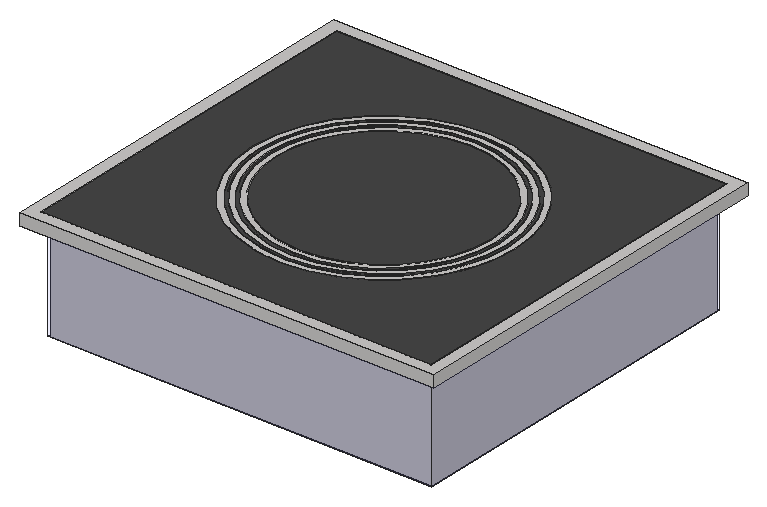
Revit family "QF_Vollrath_6950503", category Specialty Equipment, Revit 2016
Family settings
  Part Type = Normal
  Round Connector Dimension = Use Diameter
  OmniClass Number = 23.40.40.14.17.14
  OmniClass Title = Hot Plates
  Work Plane-Based = No
  Always vertical = Yes
  Cut with Voids When Loaded = No
  Shared = No
  Room Calculation Point = No
Parameters (values of type "208V")
  Weight in Pounds = 27
  Watts = 3000 W
  Watermarked By = "http://revitwatermark.com"
  Volts = 208 V
  URL Cutsheet = ""
  URL = "www.vollrathco.com"
  Status [instance] = ""
  Specification by User [instance] = ""
  Specification by Manufacturer [instance] = ""
  Serial Number [instance] = ""
  Revision Code [instance] = ""
  Phase = 1
  Number of Poles = 1
  NAFEM Spec ID Number [instance] = ""
  Model = "6950503"
  Masterspec [instance] = ""
  Manufacturer = "Vollrath"
  Item Number [instance] = "-"
  Installed By [instance] = ""
  Height AFF [instance] = 2' - 11"
  Furnished By [instance] = ""
  Foodservice Equipment Identifier [instance] = yes
  FL Amps = 14.6 A
  Electrical Remarks [instance] = ""
  Electric Connection Type [instance] = ""
  Elec Conn RI Height [instance] = 0' - 0"
  Elec Conn Connection Height [instance] = Height AFF - 0' 2 5/8"  # 2' - 8 3/8"
  Description = "Induction Range, Drop-In"
  Cycle = 50 Hz
  Conn Plug = "UK2-15P (BS546)"
  CSI MasterFormat = "11 44 00"
  Assembly Code = "E1090320"
  Apparent Power = Volts * FL Amps  # 3036.8 VA
Types (3): name | Watts | Volts | Apparent Power
  (no name) | 3000 W | 208 V | 3036.8 VA
  208V | 3000 W | 208 V | 3036.8 VA
  240V | 3500 W | 240 V | 3504 VA
Reference planes (in)
  plane 1 "BACK": y = 0
  plane 2: z = 0
  plane 3 "LEFT": x = -25.3466
  plane 4 "RIGHT": x = -7.9716
  plane 5 "FRONT": y = -16.5
  plane 6 "Bottom Left": x = -24.6591
  plane 7 "Bottom Right": x = -8.6591
  plane 8 "Bottom Back": y = -0.75
  plane 9 "Bottom Front": y = -15.75
  plane 10 "Table Top": z = 35
  plane 11 "BOTTOM": z = 30.25
  plane 12: z = 34.5
  plane 13: y = 3
  plane 14: z = 29.25
Forms (in)
  Extrusion 1, solid, material "QF_Finishes_Stainless Steel"
    sketch origin (0, 0, 30.25) x (0, 1, 0) y (-1, 0, 0)
      loop
        line (-0.75, 24.6591) -> (-15.75, 24.6591) -> (-15.75, 8.6591) -> (-0.75, 8.6591) -> (-0.75, 24.6591)
    from 0 to 4.25
  Extrusion 2, solid, material "QF_Finishes_Stainless Steel"
    sketch origin (0, 0, 35) x (0, 1, 0) y (-1, 0, 0)
      loop
        line (0, 25.3466) -> (-16.5, 25.3466) -> (-16.5, 7.9716) -> (0, 7.9716) -> (0, 25.3466)
      loop
        line (-16, 24.8466) -> (-16, 8.4716) -> (-0.5, 8.4716) -> (-0.5, 24.8466) -> (-16, 24.8466)
    from 0 to -0.5
  Extrusion 3, solid, material "QF_Finishes_Glazed Black"
    sketch origin (0, 0, 35) x (0, 1, 0) y (-1, 0, 0)
      loop
        line (-0.5, 24.8466) -> (-16, 24.8466) -> (-16, 8.4716) -> (-0.5, 8.4716) -> (-0.5, 24.8466)
      loop
        circle (-8.25, 16.6591) r 5.5
      loop
        circle (-8.25, 16.6591) r 5.25
      loop
        circle (-8.25, 16.6591) r 5.125
      loop
        circle (-8.25, 16.6591) r 4.875
      loop
        circle (-8.25, 16.6591) r 4.75
      loop
        circle (-8.25, 16.6591) r 4.5
    from 0 to -0.5
  Extrusion 4, solid, material "QF_Finishes_Stainless Steel"
    sketch origin (0, 0, 35) x (0, 1, 0) y (-1, 0, 0)
      loop
        circle (-8.25, 16.6591) r 5.5
      loop
        circle (-8.25, 16.6591) r 5.25
      loop
        circle (-8.25, 16.6591) r 5.125
      loop
        circle (-8.25, 16.6591) r 4.875
      loop
        circle (-8.25, 16.6591) r 4.75
      loop
        circle (-8.25, 16.6591) r 4.5
    from 0 to -0.5
  Extrusion 5, solid, material "QF_Finishes_Clearances", detail levels coarse
    sketch origin (0, 0, 30.25) x (0, 1, 0) y (-1, 0, 0)
      loop
        line (3, 25.3466) -> (0, 25.3466) -> (0, 7.9716) -> (3, 7.9716) -> (3, 25.3466)
    from -1 to 4.25
  Extrusion 6, solid, material "QF_Finishes_Clearances", detail levels coarse
    sketch origin (0, 0, 30.25) x (0, 1, 0) y (-1, 0, 0)
      loop
        line (0, 25.3466) -> (-16.5, 25.3466) -> (-16.5, 7.9716) -> (0, 7.9716) -> (0, 25.3466)
    from 0 to -1
  Extrusion 7, solid, material "QF_Finishes_Clearances"
    sketch origin (0, 0, 30.25) x (0, 1, 0) y (-1, 0, 0)
      loop
        line (-0.75, 8.6591) -> (-0.75, 24.6591) -> (-15.75, 24.6591) -> (-15.75, 8.6591) -> (-0.75, 8.6591)
      loop
        line (-0.6875, 8.5966) -> (-0.6875, 24.7216) -> (-15.8125, 24.7216) -> (-15.8125, 8.5966) -> (-0.6875, 8.5966)
    from 0 to 4.25
Lines and regions (in)
  symbolic lines
    curve 1: line (-25.3466, 0, 30.25) -> (-7.9716, 0, 30.25)
    curve 2: line (-25.3466, -16.5, 30.25) -> (-25.3466, 0, 30.25)
    curve 3: line (-7.9716, -16.5, 30.25) -> (-25.3466, -16.5, 30.25)
    curve 4: line (-7.9716, 0, 30.25) -> (-7.9716, -16.5, 30.25)
    curve 5: line (-24.8466, -0.5, 30.25) -> (-24.8466, -16, 30.25)
    curve 6: line (-8.4716, -0.5, 30.25) -> (-24.8466, -0.5, 30.25)
    curve 7: line (-8.4716, -16, 30.25) -> (-8.4716, -0.5, 30.25)
    curve 8: line (-24.8466, -16, 30.25) -> (-8.4716, -16, 30.25)
    curve 9: arc (-16.6591, -13.75, 30.25) -> (-11.1591, -8.25, 30.25) -> (-16.6591, -2.75, 30.25) r 5.5
    curve 10: arc (-16.6591, -2.75, 30.25) -> (-22.1591, -8.25, 30.25) -> (-16.6591, -13.75, 30.25) r 5.5
    curve 11: arc (-16.6591, -3.125, 30.25) -> (-21.7841, -8.25, 30.25) -> (-16.6591, -13.375, 30.25) r 5.125
    curve 12: arc (-16.6591, -3.5, 30.25) -> (-21.4091, -8.25, 30.25) -> (-16.6591, -13, 30.25) r 4.75
    curve 13: arc (-16.6591, -13.375, 30.25) -> (-11.5341, -8.25, 30.25) -> (-16.6591, -3.125, 30.25) r 5.125
    curve 14: arc (-16.6591, -13, 30.25) -> (-11.9091, -8.25, 30.25) -> (-16.6591, -3.5, 30.25) r 4.75
  symbolic lines, style "QF_Clearances"
    curve 15: line (-25.3466, 3, 30.25) -> (-7.9716, 3, 30.25)
  model lines, style "QF_Cutout"
    curve 16: line (-24.7216, -15.8125, 35) -> (-24.7216, -15.8125, 41)
    curve 17: line (-8.5966, -15.8125, 35) -> (-8.5966, -15.8125, 41)
    curve 18: line (-24.7216, -0.6875, 35) -> (-24.7216, -0.6875, 41)
    curve 19: line (-8.5966, -0.6875, 35) -> (-8.5966, -0.6875, 41)
Dimensions and locks (in)
  locked: plane 4 "RIGHT" to plane 3 "LEFT" at 17.375
  locked: plane 5 "FRONT" to plane 1 "BACK" at 16.5
  locked: plane 3 "LEFT" to plane 6 "Bottom Left" at 0.6875
  locked: plane 7 "Bottom Right" to plane 4 "RIGHT" at 0.6875
  locked: plane 1 "BACK" to plane 8 "Bottom Back" at 0.75
  locked: plane 9 "Bottom Front" to plane 5 "FRONT" at 0.75
  "Height AFF": plane 10 "Table Top" to plane 2
  locked: plane 10 "Table Top" to plane 12 at 0.5
  locked: plane 10 "Table Top" to plane 11 "BOTTOM" at 4.75
  locked: Extrusion 2 sketch curve to plane 5 "FRONT" at 0.5
  locked: Extrusion 2 sketch curve to plane 1 "BACK" at 0.5
  locked: plane 3 "LEFT" to Extrusion 2 sketch curve at 0.5
  locked: Extrusion 2 sketch curve to plane 4 "RIGHT" at 0.5
  locked: Extrusion 3 sketch curve to plane 1 "BACK" at 0.5
  locked: Extrusion 3 sketch curve to plane 5 "FRONT" at 0.5
  locked: plane 3 "LEFT" to Extrusion 3 sketch curve at 0.5
  locked: Extrusion 3 sketch curve to plane 4 "RIGHT" at 0.5
  locked: plane 13 to plane 1 "BACK" at 3
  locked: plane 11 "BOTTOM" to plane 14 at 1
  locked: Extrusion 7 sketch curve to plane 6 "Bottom Left" at 0.0625
  locked: plane 7 "Bottom Right" to Extrusion 7 sketch curve at 0.0625
  locked: Extrusion 7 sketch curve to plane 8 "Bottom Back" at 0.0625
  locked: Extrusion 7 sketch curve to plane 9 "Bottom Front" at 0.0625
  aligned and locked: level to plane 2
  aligned and locked: Extrusion 1 sketch curve to plane 8 "Bottom Back"
  aligned and locked: plane 6 "Bottom Left" to Extrusion 1 sketch curve
  aligned and locked: plane 9 "Bottom Front" to Extrusion 1 sketch curve
  aligned and locked: Extrusion 1 sketch curve to plane 7 "Bottom Right"
  aligned and locked: plane 12 to Extrusion 1
  aligned and locked: plane 1 "BACK" to Extrusion 2 sketch curve
  aligned and locked: plane 3 "LEFT" to Extrusion 2 sketch curve
  aligned and locked: Extrusion 2 sketch curve to plane 5 "FRONT"
  aligned and locked: Extrusion 2 sketch curve to plane 4 "RIGHT"
  aligned and locked: Extrusion 2 to plane 12
  aligned and locked: Extrusion 3 to plane 12
  aligned and locked: Extrusion 4 to plane 12
  aligned and locked: Extrusion 5 sketch curve to plane 13
  aligned and locked: Extrusion 5 sketch curve to plane 4 "RIGHT"
  aligned and locked: Extrusion 5 sketch curve to plane 1 "BACK"
  aligned and locked: plane 3 "LEFT" to Extrusion 5 sketch curve
  aligned: plane 10 "Table Top" to Extrusion 5
  aligned and locked: plane 3 "LEFT" to Extrusion 6 sketch curve
  aligned and locked: plane 1 "BACK" to Extrusion 6 sketch curve
  aligned and locked: Extrusion 6 sketch curve to plane 4 "RIGHT"
  aligned and locked: Extrusion 6 sketch curve to plane 5 "FRONT"
  aligned and locked: Extrusion 6 to plane 14
  aligned and locked: Extrusion 5 to plane 14
  aligned and locked: plane 1 "BACK" to curve 1
  aligned and locked: curve 4 to plane 4 "RIGHT"
  aligned and locked: plane 3 "LEFT" to curve 2
  aligned and locked: curve 3 to plane 5 "FRONT"
  aligned and locked: curve 5 to Extrusion 3
  aligned and locked: curve 6 to Extrusion 3
  aligned and locked: curve 7 to Extrusion 3
  aligned and locked: curve 8 to Extrusion 3
  aligned and locked: curve 9 to Extrusion 4
  aligned and locked: curve 10 to Extrusion 4
  aligned and locked: curve 11 to Extrusion 4
  aligned and locked: curve 12 to Extrusion 4
  aligned and locked: curve 13 to Extrusion 4
  aligned and locked: curve 14 to Extrusion 4
  aligned and locked: curve 15 to plane 13
  aligned and locked: plane 12 to Extrusion 5
  aligned and locked: Extrusion 7 sketch curve to plane 9 "Bottom Front"
  aligned and locked: Extrusion 7 sketch curve to plane 6 "Bottom Left"
  aligned and locked: plane 7 "Bottom Right" to Extrusion 7 sketch curve
  aligned and locked: plane 8 "Bottom Back" to Extrusion 7 sketch curve
  aligned and locked: plane 12 to Extrusion 7
Automatic sketch dimensions
  Extrusion 3 sketch curve to plane 8 "Bottom Back" = 0' - 7 1/2"
  plane 6 "Bottom Left" to Extrusion 3 sketch curve = 0' - 8"
  Extrusion 3 sketch curve to Extrusion 3 sketch curve = 0' - 0"  (x10)
  Extrusion 4 sketch curve to plane 8 "Bottom Back" = 0' - 7 1/2"
  plane 6 "Bottom Left" to Extrusion 4 sketch curve = 0' - 8"
  Extrusion 4 sketch curve to Extrusion 4 sketch curve = 0' - 0"  (x10)
  curve 15 to plane 4 "RIGHT" = 0' - 0"
  curve 15 to plane 3 "LEFT" = 0' - 0"
  curve 17 to Extrusion 7 = 0' - 0"
  curve 17 to Extrusion 7 = 0' - 0 1/2"
  curve 16 to Extrusion 7 = 0' - 0 1/2"
  curve 17 to curve 17 = 0' - 6"
  curve 16 to curve 16 = 0' - 6"
  Extrusion 7 to curve 19 = 0' - 0"
  Extrusion 7 to curve 18 = 0' - 0"
  curve 19 to Extrusion 7 = 0' - 0 1/2"
  curve 18 to Extrusion 7 = 0' - 0 1/2"
  curve 19 to curve 19 = 0' - 6"
  curve 18 to curve 18 = 0' - 6"
  curve 16 to Extrusion 7 = 0' - 0"
  radius of Extrusion 3 sketch curve = 0' - 5 1/2"
  radius of Extrusion 3 sketch curve = 0' - 5 1/4"
  radius of Extrusion 3 sketch curve = 0' - 5 1/8"
  radius of Extrusion 3 sketch curve = 0' - 4 7/8"
  radius of Extrusion 3 sketch curve = 0' - 4 3/4"
  radius of Extrusion 3 sketch curve = 0' - 4 1/2"
  radius of Extrusion 4 sketch curve = 0' - 5 1/2"
  radius of Extrusion 4 sketch curve = 0' - 5 1/4"
  radius of Extrusion 4 sketch curve = 0' - 5 1/8"
  radius of Extrusion 4 sketch curve = 0' - 4 7/8"
  radius of Extrusion 4 sketch curve = 0' - 4 3/4"
  radius of Extrusion 4 sketch curve = 0' - 4 1/2"
Connectors (in)
  electrical at (-16.6591, -0.75, 32.375), driven by "Number of Poles", driven by "Volts", driven by "Apparent Power"
    settings: on Extrusion 1, index 1, voltage 208 V, apparent load 3036.8 VA, apparent load phase1 0 VA, apparent load phase2 0 VA, apparent load phase3 0 VA, power factor 1, load classification "Other", number of poles 1, system type 30, power factor state 1, is connector primary yes, connector utility no, sub classification motor no, connector description "Electric"
